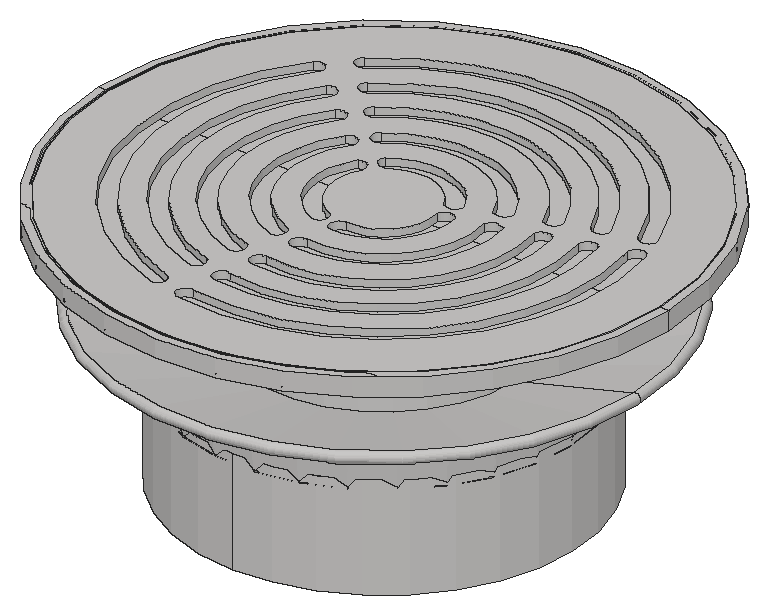
Revit family "Drain_Floor_Medium-Duty_Adjustable_Zurn-Z1726-1", category Plumbing Fixtures, Revit 2022 (continued)
Automatic sketch dimensions
  curve 81 to curve 82 = 0.00"  (x2)
  curve 81 to curve 83 = 0.00"  (x2)
  curve 82 to curve 83 = 0.00"  (x2)
  curve 84 to curve 53 = 0.04605"
  curve 84 to curve 97 = 0.97292"
  curve 53 to curve 54 = 0.96257"
  curve 97 to curve 96 = 0.42307"
  curve 54 to curve 55 = 0.41857"
  curve 96 to curve 95 = 0.55504"
  curve 55 to curve 56 = 0.54914"
  curve 95 to curve 94 = 0.59376"
  curve 56 to curve 57 = 0.5889"
  curve 94 to curve 93 = 0.426"
  curve 57 to curve 58 = 0.42202"
  curve 58 to curve 59 = 0.40147"
  curve 59 to curve 92 = 0.05368"
  curve 92 to curve 73 = 0.45428"
  curve 59 to curve 40 = 0.51918"
  curve 73 to curve 105 = 0.43408"
  curve 73 to curve 72 = 0.36554"
  curve 40 to curve 41 = 0.37594"
  curve 42 to curve 105 = 0.03373"
  curve 42 to curve 6 = 0.00638"
  curve 6 to curve 4 = 0.00077"
  curve 42 to curve 69 = 0.01696"
  curve 69 to curve 71 = 0.00002"
  curve 6 to curve 39 = 0.01166"
  curve 39 to curve 37 = 0.00006"
  curve 37 to curve 10 = 0.00105"
  curve 4 to curve 17 = 0.02658"
  curve 82 to curve 68 = 0.01177"
  curve 68 to curve 70 = 0.00109"
  curve 82 to curve 38 = 0.01556"
  curve 38 to curve 36 = 0.00031"
  curve 36 to curve 5 = 0.01537"
  curve 5 to curve 7 = 0.00003"
  curve 5 to curve 75 = 0.01655"
  curve 72 to curve 91 = 0.27958"
  curve 41 to curve 60 = 0.28608"
  curve 91 to curve 90 = 0.08783"
  curve 60 to curve 61 = 0.11896"
  curve 90 to curve 89 = 0.09504"
  curve 74 to curve 9 = 0.42063"
  curve 9 to curve 8 = 0.00055"
  curve 61 to curve 62 = 0.1136"
  curve 89 to curve 88 = 0.13354"
  curve 62 to curve 63 = 0.15916"
  curve 9 to curve 28 = 0.17153"
  curve 88 to curve 87 = 0.12302"
  curve 60 to curve 27 = 0.45047"
  curve 87 to curve 86 = 0.09377"
  curve 63 to curve 64 = 0.14714"
  curve 64 to curve 65 = 0.11216"
  curve 86 to curve 85 = 0.21564"
  curve 27 to curve 26 = 0.29596"
  curve 28 to curve 29 = 0.34736"
  curve 65 to curve 52 = 0.25792"
  curve 26 to curve 25 = 0.30845"
  curve 29 to curve 30 = 0.30791"
  curve 25 to curve 24 = 0.42954"
  curve 30 to curve 31 = 0.42837"
  curve 31 to curve 32 = 0.402"  (x2)
  curve 24 to curve 23 = 0.402"
  curve 32 to curve 33 = 0.30641"  (x2)
  curve 23 to curve 22 = 0.30641"
  curve 33 to curve 20 = 0.70465"  (x2)
  curve 22 to curve 21 = 0.70465"
  curve 52 to curve 65 = 0.96257"
  curve 65 to curve 21 = 0.18552"
  curve 65 to curve 64 = 0.41857"
  curve 21 to curve 22 = 0.70465"
  curve 64 to curve 63 = 0.54914"
  curve 22 to curve 23 = 0.30641"
  curve 63 to curve 62 = 0.58653"
  curve 23 to curve 24 = 0.402"
  curve 62 to curve 61 = 0.42112"
  curve 24 to curve 25 = 0.43201"
  curve 61 to curve 53 = 0.1987"
  curve 25 to curve 26 = 0.30922"
  curve 53 to curve 54 = 0.25792"
  curve 61 to curve 60 = 0.46977"
  curve 54 to curve 55 = 0.11216"
  curve 26 to curve 27 = 0.29271"
  curve 55 to curve 56 = 0.14714"
  curve 60 to curve 41 = 0.36324"
  curve 56 to curve 57 = 0.15599"
  curve 57 to curve 58 = 0.11252"
  curve 41 to curve 40 = 0.21641"
  curve 58 to curve 59 = 0.10995"
  curve 27 to curve 8 = 0.4721"
  curve 41 to curve 11 = 0.46642"
  curve 10 to curve 39 = 0.02032"
  curve 39 to curve 37 = 0.00"
  curve 37 to curve 70 = 0.00281"
  curve 70 to curve 68 = 0.00022"
  curve 70 to curve 7 = 0.02417"
  curve 7 to curve 5 = 0.00005"
  curve 68 to curve 13 = 0.02401"
  curve 39 to curve 105 = 0.02705"
  curve 2 to curve 6 = 0.00217"
  curve 6 to curve 4 = 0.0008"
  curve 5 to curve 74 = 0.01317"
  curve 5 to curve 36 = 0.02154"
  curve 36 to curve 38 = 0.00107"
  curve 4 to curve 69 = 0.02338"
  curve 69 to curve 71 = 0.00005"
  curve 71 to curve 43 = 0.00991"
  curve 59 to curve 92 = 0.44521"
  curve 8 to curve 9 = 0.43378"
  curve 105 to curve 73 = 0.27884"
  curve 92 to curve 93 = 0.11138"
  curve 93 to curve 94 = 0.09367"
  curve 73 to curve 72 = 0.23355"
  curve 94 to curve 95 = 0.12962"
  curve 9 to curve 28 = 0.42937"
  curve 95 to curve 96 = 0.12302"
  curve 96 to curve 97 = 0.09377"
  curve 72 to curve 91 = 0.43978"
  curve 97 to curve 84 = 0.21564"
  curve 28 to curve 29 = 0.33791"
  curve 29 to curve 30 = 0.30894"
  curve 91 to curve 90 = 0.40688"
  curve 30 to curve 31 = 0.4311"
  curve 90 to curve 89 = 0.4263"
  curve 89 to curve 88 = 0.5944"
  curve 88 to curve 87 = 0.55504"
  curve 87 to curve 86 = 0.42307"
  curve 86 to curve 85 = 0.97292"
  curve 53 to curve 53 = 0.17954"
  curve 50 to curve 53 = 0.00"
  curve 82 to curve 84 = 0.18147"
  curve 84 to curve 82 = 0.00"
  curve 83 to curve 84 = 0.00"
  curve 51 to curve 53 = 0.00"
  curve 97 to curve 97 = 0.18486"
  curve 80 to curve 97 = 0.00"
  curve 48 to curve 54 = 0.1829"
  curve 54 to curve 48 = 0.00"
  curve 81 to curve 97 = 0.00"
  curve 49 to curve 54 = 0.00"
  curve 81 to curve 96 = 0.06931"
  curve 78 to curve 96 = 0.00"
  curve 54 to curve 46 = 0.06857"
  curve 55 to curve 46 = 0.00"
  curve 79 to curve 96 = 0.00"
  curve 47 to curve 55 = 0.00"
  curve 95 to curve 95 = 0.18306"
  curve 76 to curve 95 = 0.00"
  curve 44 to curve 56 = 0.18111"
  curve 56 to curve 44 = 0.00"
  curve 77 to curve 95 = 0.00"
  curve 45 to curve 56 = 0.00"
  curve 71 to curve 94 = 0.1575"
  curve 94 to curve 71 = 0.00"
  curve 39 to curve 57 = 0.15742"
  curve 57 to curve 39 = 0.00"
  curve 70 to curve 94 = 0.00"
  curve 38 to curve 57 = 0.00"
  curve 94 to curve 69 = 0.11294"
  curve 38 to curve 58 = 0.10876"
  curve 37 to curve 58 = 0.00"
  curve 93 to curve 68 = 0.15523"
  curve 93 to curve 68 = 0.00"
  curve 36 to curve 58 = 0.00"
  curve 36 to curve 42 = 0.1099"
  curve 74 to curve 92 = 0.13647"
  curve 59 to curve 43 = 0.13598"
  curve 92 to curve 75 = 0.1382"
  curve 92 to curve 75 = 0.00"
  curve 67 to curve 73 = 0.11088"
  curve 40 to curve 40 = 0.10032"
  curve 73 to curve 73 = 0.11847"
  curve 73 to curve 66 = 0.00009"
  curve 40 to curve 40 = 0.11517"
  curve 40 to curve 34 = 0.00095"
  curve 72 to curve 72 = 0.04131"
  curve 35 to curve 41 = 0.02579"
  curve 72 to curve 72 = 0.01867"
  curve 72 to curve 66 = 0.00015"
  curve 41 to curve 41 = 0.01281"
  curve 41 to curve 34 = 0.00001"
  curve 75 to curve 91 = 0.03046"
  curve 43 to curve 60 = 0.04029"
  curve 60 to curve 43 = 0.00"
  curve 90 to curve 68 = 0.00"
  curve 61 to curve 36 = 0.00"
  curve 2 to curve 8 = 0.12878"
  curve 2 to curve 9 = 0.12794"
  curve 2 to curve 9 = 0.0001"
  curve 2 to curve 8 = 0.00105"
  curve 89 to curve 70 = 0.00"
  curve 62 to curve 38 = 0.00"
  curve 88 to curve 77 = 0.00"
  curve 11 to curve 28 = 0.09663"
  curve 28 to curve 11 = 0.00"
  curve 63 to curve 45 = 0.00"
  curve 27 to curve 27 = 0.09954"
  curve 9 to curve 3 = 0.13278"
  curve 8 to curve 8 = 0.13571"
  curve 87 to curve 79 = 0.00"
  curve 86 to curve 81 = 0.00"
  curve 64 to curve 47 = 0.00"
  curve 28 to curve 10 = 0.10231"
  curve 65 to curve 49 = 0.00"
  curve 27 to curve 4 = 0.08056"
  curve 26 to curve 4 = 0.00"
  curve 29 to curve 4 = 0.00"
  curve 85 to curve 83 = 0.00"
  curve 5 to curve 26 = 0.00"
  curve 52 to curve 51 = 0.00"
  curve 5 to curve 25 = 0.07968"
  curve 6 to curve 25 = 0.00"
  curve 30 to curve 6 = 0.00"
  curve 7 to curve 25 = 0.00"
  curve 13 to curve 24 = 0.13258"
  curve 24 to curve 13 = 0.00"
  curve 31 to curve 13 = 0.00"
  curve 12 to curve 24 = 0.00"
  curve 15 to curve 32 = 0.12233"
  curve 32 to curve 15 = 0.00"
  curve 23 to curve 15 = 0.00"
  curve 14 to curve 23 = 0.00"
  curve 23 to curve 22 = 0.0502"
  curve 32 to curve 17 = 0.0502"
  curve 33 to curve 17 = 0.00"
  curve 16 to curve 33 = 0.00"
  curve 20 to curve 20 = 0.13143"
  curve 19 to curve 21 = 0.13143"
  curve 21 to curve 19 = 0.00"
  curve 18 to curve 21 = 0.00"
  curve 41 to curve 41 = 0.13843"
  curve 41 to curve 34 = 0.00011"
  curve 8 to curve 8 = 0.03748"
  curve 8 to curve 2 = 0.00049"
  curve 66 to curve 73 = 0.07616"
  curve 66 to curve 73 = 0.00006"
  Extrusion 6 sketch curve to plane 3 "Center (Left/Right)" = 0.1294"
  Extrusion 6 sketch curve to plane 3 "Center (Left/Right)" = 0.25107"
  Extrusion 6 sketch curve to plane 3 "Center (Left/Right)" = 0.3768"
  Extrusion 6 sketch curve to plane 3 "Center (Left/Right)" = 0.40898"
  Extrusion 6 sketch curve to plane 3 "Center (Left/Right)" = 0.46458"
  Extrusion 6 sketch curve to plane 3 "Center (Left/Right)" = 0.56431"
  Extrusion 6 sketch curve to Extrusion 6 sketch curve = 0.47757"
  Extrusion 6 sketch curve to Extrusion 6 sketch curve = 0.50328"
  Extrusion 6 sketch curve to Extrusion 6 sketch curve = 0.30782"
  Extrusion 6 sketch curve to Extrusion 6 sketch curve = 0.54214"
  Extrusion 6 sketch curve to Extrusion 6 sketch curve = 0.576"
  Extrusion 6 sketch curve to Extrusion 6 sketch curve = 0.52547"
  Extrusion 6 sketch curve to Extrusion 6 sketch curve = 0.31153"
  Extrusion 6 sketch curve to plane 9 = 0.39387"
  Extrusion 6 sketch curve to plane 9 = 0.03862"
  plane 9 to Extrusion 6 sketch curve = 0.09733"
  Extrusion 6 sketch curve to plane 11 = 0.13414"
  plane 9 to Extrusion 6 sketch curve = 0.47788"
  plane 9 to Extrusion 6 sketch curve = 0.57268"
  plane 11 to Extrusion 6 sketch curve = 0.28938"
  Extrusion 6 sketch curve to Extrusion 6 sketch curve = 0.46257"
  plane 3 "Center (Left/Right)" to Extrusion 6 sketch curve = 0.0186"
  plane 3 "Center (Left/Right)" to Extrusion 6 sketch curve = 0.858"
  Extrusion 6 sketch curve to plane 1 "Center (Front/Back)" = 0.09676"
  Extrusion 6 sketch curve to Extrusion 6 sketch curve = 0.12755"
  plane 10 to Extrusion 6 sketch curve = 0.47811"
  plane 10 to Extrusion 6 sketch curve = 0.32093"
  Extrusion 6 sketch curve to plane 10 = 0.21449"
  Extrusion 6 sketch curve to plane 10 = 0.36784"
  Extrusion 6 sketch curve to Extrusion 6 sketch curve = 0.6452"
  Extrusion 6 sketch curve to Extrusion 6 sketch curve = 0.16458"
  Extrusion 6 sketch curve to Extrusion 6 sketch curve = 0.67824"
  Extrusion 6 sketch curve to Extrusion 6 sketch curve = 0.14871"
  plane 1 "Center (Front/Back)" to Extrusion 6 sketch curve = 0.90189"
  Extrusion 6 sketch curve to Extrusion 6 sketch curve = 0.09442"
  plane 12 to Extrusion 6 sketch curve = 0.41048"
  Extrusion 6 sketch curve to Extrusion 6 sketch curve = 0.10585"
  Extrusion 6 sketch curve to plane 12 = 0.29975"
  Extrusion 6 sketch curve to Extrusion 6 sketch curve = 0.11114"
  Extrusion 6 sketch curve to Extrusion 6 sketch curve = 0.66331"
  Extrusion 6 sketch curve to Extrusion 6 sketch curve = 0.11655"
  Extrusion 6 sketch curve to Extrusion 6 sketch curve = 0.69427"
  Extrusion 6 sketch curve to Extrusion 6 sketch curve = 0.11683"
  Extrusion 6 sketch curve to plane 1 "Center (Front/Back)" = 0.26782"
  Extrusion 6 sketch curve to plane 1 "Center (Front/Back)" = 0.48205"
  Extrusion 6 sketch curve to Extrusion 6 sketch curve = 0.39771"
  Extrusion 6 sketch curve to plane 1 "Center (Front/Back)" = 0.4953"
  Extrusion 6 sketch curve to Extrusion 6 sketch curve = 0.1912"
  Extrusion 6 sketch curve to Extrusion 6 sketch curve = 0.49012"
  Extrusion 6 sketch curve to Extrusion 6 sketch curve = 0.33925"
  Extrusion 6 sketch curve to Extrusion 6 sketch curve = 0.2397"
  Extrusion 6 sketch curve to Extrusion 6 sketch curve = 0.47642"
  Extrusion 6 sketch curve to Extrusion 6 sketch curve = 0.47816"
  Extrusion 6 sketch curve to Extrusion 6 sketch curve = 0.51319"
  Extrusion 6 sketch curve to Extrusion 6 sketch curve = 0.34334"
  Extrusion 6 sketch curve to Extrusion 6 sketch curve = 0.46372"
  Extrusion 6 sketch curve to Extrusion 6 sketch curve = 0.44302"
  Extrusion 6 sketch curve to Extrusion 6 sketch curve = 0.39152"
  Extrusion 6 sketch curve to Extrusion 6 sketch curve = 0.41936"
  Extrusion 6 sketch curve to Extrusion 6 sketch curve = 0.5098"
  Extrusion 6 sketch curve to plane 3 "Center (Left/Right)" = 0.00499"
  Extrusion 6 sketch curve to plane 3 "Center (Left/Right)" = 0.05464"
  Extrusion 6 sketch curve to plane 3 "Center (Left/Right)" = 0.12162"
  Extrusion 6 sketch curve to plane 3 "Center (Left/Right)" = 0.14519"
  Extrusion 6 sketch curve to Extrusion 6 sketch curve = 0.01595"
  Extrusion 6 sketch curve to Extrusion 6 sketch curve = 0.02888"
  Extrusion 6 sketch curve to Extrusion 6 sketch curve = 0.10302"
  Extrusion 6 sketch curve to Extrusion 6 sketch curve = 0.01305"
  Extrusion 6 sketch curve to Extrusion 6 sketch curve = 0.02576"
  Extrusion 6 sketch curve to Extrusion 6 sketch curve = 0.0064"
  Extrusion 6 sketch curve to Extrusion 6 sketch curve = 0.01465"
  Extrusion 6 sketch curve to Extrusion 6 sketch curve = 0.02719"
  Extrusion 6 sketch curve to Extrusion 6 sketch curve = 0.07236"
  Extrusion 6 sketch curve to Extrusion 6 sketch curve = 0.11186"
  Extrusion 6 sketch curve to Extrusion 6 sketch curve = 0.01589"
  Extrusion 6 sketch curve to Extrusion 6 sketch curve = 0.10069"
  Extrusion 6 sketch curve to Extrusion 6 sketch curve = 0.14176"
  Extrusion 6 sketch curve to Extrusion 6 sketch curve = 0.1481"
  Extrusion 6 sketch curve to Extrusion 6 sketch curve = 0.02443"
  Extrusion 6 sketch curve to Extrusion 6 sketch curve = 0.0524"
  Extrusion 6 sketch curve to Extrusion 6 sketch curve = 0.03436"
  Extrusion 6 sketch curve to Extrusion 6 sketch curve = 0.08575"
  Extrusion 6 sketch curve to Extrusion 6 sketch curve = 0.05128"
  Extrusion 6 sketch curve to Extrusion 6 sketch curve = 0.09349"
  Extrusion 6 sketch curve to Extrusion 6 sketch curve = 0.03004"
  Extrusion 6 sketch curve to Extrusion 6 sketch curve = 0.09963"
  Extrusion 6 sketch curve to Extrusion 6 sketch curve = 0.12588"
  Extrusion 6 sketch curve to Extrusion 6 sketch curve = 0.12134"
  Extrusion 6 sketch curve to Extrusion 6 sketch curve = 0.07496"
  Extrusion 6 sketch curve to Extrusion 6 sketch curve = 0.11031"
  Extrusion 6 sketch curve to Extrusion 6 sketch curve = 0.13891"
  Extrusion 6 sketch curve to plane 9 = 0.00007"
  plane 9 to Extrusion 6 sketch curve = 0.0762"
  Extrusion 6 sketch curve to Extrusion 6 sketch curve = 0.10683"
  Extrusion 6 sketch curve to Extrusion 6 sketch curve = 0.12315"
  Extrusion 6 sketch curve to Extrusion 6 sketch curve = 0.09883"
  Extrusion 6 sketch curve to plane 11 = 0.03204"
  Extrusion 6 sketch curve to Extrusion 6 sketch curve = 0.108"
  Extrusion 6 sketch curve to Extrusion 6 sketch curve = 0.12209"
  Extrusion 6 sketch curve to Extrusion 6 sketch curve = 0.11429"
  Extrusion 6 sketch curve to Extrusion 6 sketch curve = 0.11019"
  Extrusion 6 sketch curve to Extrusion 6 sketch curve = 0.15608"
  Extrusion 6 sketch curve to Extrusion 6 sketch curve = 0.15722"
  Extrusion 6 sketch curve to Extrusion 6 sketch curve = 0.14054"
  Extrusion 6 sketch curve to Extrusion 6 sketch curve = 0.10914"
  Extrusion 6 sketch curve to Extrusion 6 sketch curve = 0.16033"
  Extrusion 6 sketch curve to Extrusion 6 sketch curve = 0.16445"
  Extrusion 6 sketch curve to Extrusion 6 sketch curve = 0.13381"
  Extrusion 6 sketch curve to plane 10 = 0.10448"
  Extrusion 6 sketch curve to Extrusion 6 sketch curve = 0.15456"
  Extrusion 6 sketch curve to Extrusion 6 sketch curve = 0.15189"
  Extrusion 6 sketch curve to Extrusion 6 sketch curve = 0.14644"
  Extrusion 6 sketch curve to Extrusion 6 sketch curve = 0.13542"
  Extrusion 6 sketch curve to Extrusion 6 sketch curve = 0.14797"
  Extrusion 6 sketch curve to Extrusion 6 sketch curve = 0.1415"
  Extrusion 6 sketch curve to Extrusion 6 sketch curve = 0.14443"
  Extrusion 6 sketch curve to Extrusion 6 sketch curve = 0.13576"
  Extrusion 6 sketch curve to Extrusion 6 sketch curve = 0.14809"
  Extrusion 6 sketch curve to Extrusion 6 sketch curve = 0.14377"
  Extrusion 6 sketch curve to Extrusion 6 sketch curve = 0.14265"
  plane 1 "Center (Front/Back)" to curve 98 = 0.00"
  curve 98 to plane 3 "Center (Left/Right)" = 0.00"
  Revolve 1 sketch curve to plane 8 = 0.00"
  Revolve 1 sketch curve to plane 3 "Center (Left/Right)" = 0.00"
  Revolve 1 sketch curve to level = 0.00"
  Revolve 1 sketch curve to plane 3 "Center (Left/Right)" = 0.41502"
  Revolve 1 sketch curve to level = 0.125"
  Revolve 1 sketch curve to plane 4 = 22.04611"
  level to Revolve 1 sketch curve = 101.17271"
  plane 1 "Center (Front/Back)" to Extrusion 2 sketch curve = 0.00"
  Extrusion 2 sketch curve to plane 3 "Center (Left/Right)" = 0.00"
  curve 104 to plane 19 = 0.01762"
  curve 104 to plane 17 = 0.39391"
  plane 16 to curve 103 = 0.39391"
  plane 18 to curve 103 = 0.01762"
  Revolve 3 sketch curve to plane 3 "Center (Left/Right)" = 0.00"
  plane 9 to Revolve 3 sketch curve = 0.12614"
  plane 5 to Revolve 3 sketch curve = 0.12657"
  plane 5 to Revolve 3 sketch curve = 0.56693"
  Revolve 3 sketch curve to plane 27 = 0.08745"
  plane 1 "Center (Front/Back)" to Masking region 1 sketch curve = 0.00"
  Masking region 1 sketch curve to plane 3 "Center (Left/Right)" = 0.00"
  curve 100 to curve 100 = 0.57876"
  curve 101 to curve 101 = 0.57876"
  curve 108 to plane 16 = 0.00"
  curve 108 to plane 17 = 0.00"
  Sweep 4 sketch curve to Sweep 4 sketch curve = 0.00"  (x2)
  Sweep 4 sketch curve to profile plane = 0.00"
  profile plane to Sweep 4 sketch curve = 0.00"
  curve 106 to curve 113 = 0.00"  (x2)
  curve 106 to curve 123 = 0.00"
  curve 106 to curve 145 = 0.00"  (x2)
  radius of curve 105 = 0.14062"
  radius of Masking region 1 sketch curve = 5.00"
  radius of curve 145 = 4.50"
Connectors (in)
  piping at (0, 0, -4.375), diameter 6, driven by "A_Nominal Radius", driven by "Waste Connection"
    settings: on Sweep 4, index 1, connector inside diameter 609.6 mm, connector length 0.00", flow factor 0, pipe flow 0.0 L/s, pressure drop 0.0 Pa, fitting loss kfactor 0, connector angle 0.00°, fixture units 0, engagement length 0.00", angle of deflection 0.00°, flow configuration 0, flow direction 2, fitting loss method 0, system type 16, joint type 0, gender type 0, connector reference index -1, connector utility 1, adjustable connector no, is connector primary yes, connector description "Waste Outlet Connection"
